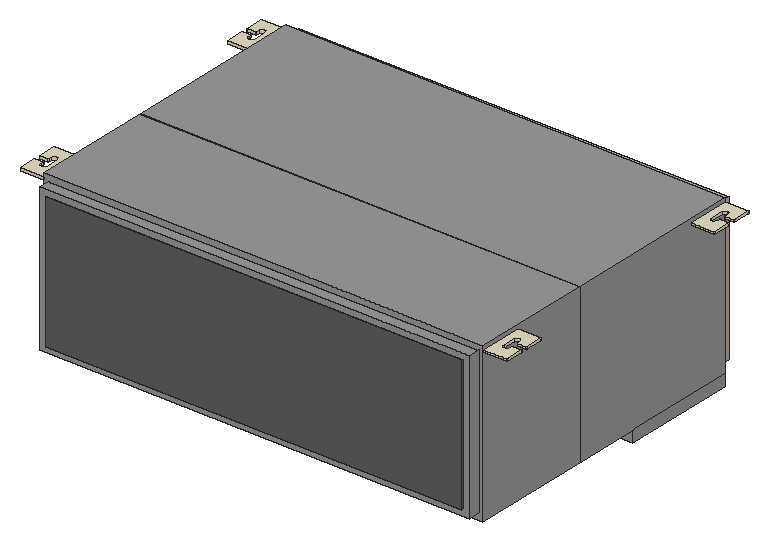
Revit family "TROSTEN FCU-Single Skin", category Mechanical Equipment, Revit 2020
Family settings
  Round Connector Dimension = Use Radius
  Part Type = Normal
  OmniClass Number = 23.75.00.00
  OmniClass Title = Climate Control (HVAC)
  Work Plane-Based = No
  Always vertical = Yes
  Cut with Voids When Loaded = No
  Shared = No
  Room Calculation Point = No
Parameters (values of type "TFC M-075 4D CS A5G")
  Type Comments = "FCU-528"
  Tag Number [instance] = ""
  Tag [instance] = ""
  Radius Supply = 10 mm
  Radius Return = 10 mm
  Radius Drain = 10 mm
  FCU Overall Width = 927 mm
  FCU Overall Height = 358 mm
  FCU Overall Depth = 637 mm
  Supply Mouth Width = FCU Overall Width - 20 mm  # 907 mm
  Supply Mouth Height = FCU Overall Height - 50 mm  # 308 mm
  Supply Mouth Depth = 20 mm
  Return Mouth Width = Supply Mouth Width  # 907 mm
  Return Mouth Height = FCU Overall Height - 50 mm  # 308 mm
  Equipment Tag [instance] = ""
  Default Elevation = 0 mm
Types (3, lengths in mm): name | FCU Overall Width | FCU Overall Height | FCU Overall Depth | Supply Mouth Width | Supply Mouth Height | Return Mouth Width | Return Mouth Height
  TFC M-035 4D CS A5G | 822 | 250 | 577 | 802 | 200 | 802 | 200
  TFC M-045 4D CS A5G | 822 | 250 | 577 | 802 | 200 | 802 | 200
  TFC M-075 4D CS A5G | 927 | 358 | 637 | 907 | 308 | 907 | 308
Reference planes
  plane 1 "Center (Front/Back)": y = 0
  plane 2: z = 0
  plane 3 "Center (Left/Right)": x = 0
  plane 4: x = 463.5
  plane 5: x = -463.5
  plane 6 "1": y = 318.5
  plane 7: y = -318.5
  plane 8: x = -453.5
  plane 9: x = 453.5
  plane 10: z = 358
  plane 11: z = 25
  plane 12 "Centre": z = 191.5
  plane 13: z = 345.5
  plane 14: z = 37.5
  plane 15: y = 341.5
  plane 16: y = -341.5
  plane 17: z = 345.5
  plane 18: z = 37.5
  plane 19: x = -493.5
  plane 20: x = -588.5
  plane 21: x = -453.5
  plane 22: x = 453.5
  plane 23: z = 62.5
  plane 24: y = 225
  plane 25: y = -10.046
  plane 26 "2": y = 276.689
  plane 27 "4": y = 76.689
  plane 28: y = 176.689
  plane 29: y = -64
  plane 30: y = -64
  plane 31: z = 12.217
  plane 32: z = 333
Forms (mm)
  Extrusion 1, solid, material "Aluminum"
    sketch origin (0, 0, 0) x (1, 0, 0) y (0, 1, 0)
      loop
        line (-463.5, -318.5) -> (463.5, -318.5) -> (463.5, -64) -> (-463.5, -64) -> (-463.5, -318.5)
    from 25 to 358
  Extrusion 2, solid, material "Aluminum"
    sketch origin (0, 0, 0) x (1, 0, 0) y (0, 1, 0)
      loop
        line (-463.5, 318.5) -> (-463.5, -64) -> (463.5, -64) -> (463.5, 318.5) -> (-463.5, 318.5)
    from 25 to 358
  Extrusion 3, solid, material "Iron, Cast"
    sketch origin (0, 0, 0) x (1, 0, 0) y (0, 1, 0)
      loop
        line (-463.5, 76.689) -> (463.5, 76.689) -> (463.5, 318.5) -> (-463.5, 318.5) -> (-463.5, 296.741) -> (-663.5, 296.741) -> (-663.5, 42.741) -> (-463.5, 42.741) -> (-463.5, 76.689)
    from 0 to 25
  Extrusion 4, solid, material "Copper, Patina"
    sketch origin (-823.304, 1717.312, -6.029) x (0, -1, 0) y (0, 0, 1)
      loop
        circle (1540.622, 18.246) r 10
    from -134.804 to -159.804
  Extrusion 5, solid, material "Copper, Patina"
    sketch origin (65.549, 111.49, -170.033) x (0, -1, 0) y (0, 0, -1)
      loop
        circle (-85.949, -377.283) r 10
    from -559.049 to -529.049
  Extrusion 6, solid, material "Copper, Patina"
    sketch origin (65.549, 38.615, -16.283) x (0, -1, 0) y (0, 0, -1)
      loop
        circle (-193.074, -106.283) r 10
    from -559.049 to -529.049
  Extrusion 7, solid, material "Aluminum"
    sketch origin (0, 0, 0) x (1, 0, 0) y (0, 1, 0)
      loop
        line (-453.5, -318.5) -> (-453.5, -341.5) -> (453.5, -341.5) -> (453.5, -318.5) -> (-453.5, -318.5)
    from 37.5 to 345.5
  Extrusion 8, solid, material "Metal, Sheet/Flashing"
    sketch origin (0, 0, 0) x (1, 0, 0) y (0, 1, 0)
      loop
        line (453.5, 341.5) -> (-453.5, 341.5) -> (-453.5, 318.5) -> (453.5, 318.5) -> (453.5, 341.5)
    from 37.5 to 345.5
  Extrusion 9, void
    sketch origin (-463.5, -318.5, 0) x (-1, 0, 0) y (0, 0, 1)
      loop
        line (-25.065, 333) -> (-902.065, 333) -> (-902.065, 50) -> (-25.065, 50) -> (-25.065, 333)
    from -23 to -7.348
  Extrusion 10, solid, material "FILTER"
    sketch origin (453.5, -341.5, 0) x (-1, 0, 0) y (0, 0, -1)
      loop
        line (891.935, -333) -> (891.935, -50) -> (14.935, -50) -> (14.935, -333) -> (891.935, -333)
    from 0 to 2.238
  Extrusion 11, solid
    sketch origin (-431.875, -2.317, 392.573) x (0, -1, 0) y (1, 0, 0)
      loop
        line (-230.817, 895.5) -> (-230.817, 944.5)
        arc (-230.817, 944.5) -> (-231.11, 945.207) -> (-231.817, 945.5) r 1
        line (-231.817, 945.5) -> (-268.317, 945.5)
        arc (-268.317, 945.5) -> (-269.024, 945.207) -> (-269.317, 944.5) r 1
        line (-269.317, 944.5) -> (-269.317, 927.5)
        arc (-269.317, 927.5) -> (-269.024, 926.793) -> (-268.317, 926.5) r 1
        line (-268.317, 926.5) -> (-262.317, 926.5)
        arc (-262.317, 926.5) -> (-255.817, 920) -> (-262.317, 913.5) r 6.5
        line (-262.317, 913.5) -> (-289.317, 913.5)
        arc (-289.317, 913.5) -> (-295.817, 920) -> (-289.317, 926.5) r 6.5
        line (-289.317, 926.5) -> (-283.317, 926.5)
        arc (-283.317, 926.5) -> (-282.61, 926.793) -> (-282.317, 927.5) r 1
        line (-282.317, 927.5) -> (-282.317, 944.5)
        arc (-282.317, 944.5) -> (-282.61, 945.207) -> (-283.317, 945.5) r 1
        line (-283.317, 945.5) -> (-319.817, 945.5)
        arc (-319.817, 945.5) -> (-320.524, 945.207) -> (-320.817, 944.5) r 1
        line (-320.817, 944.5) -> (-320.817, 895.5) -> (-230.817, 895.5)
    from -42 to -47.073
  Extrusion 12, solid
    sketch origin (-431.875, -489.317, 493.573) x (0, -1, 0) y (1, 0, 0)
      loop
        line (-170.817, 895.5) -> (-170.817, 944.5)
        arc (-170.817, 944.5) -> (-171.11, 945.207) -> (-171.817, 945.5) r 1
        line (-171.817, 945.5) -> (-208.317, 945.5)
        arc (-208.317, 945.5) -> (-209.024, 945.207) -> (-209.317, 944.5) r 1
        line (-209.317, 944.5) -> (-209.317, 927.5)
        arc (-209.317, 927.5) -> (-209.024, 926.793) -> (-208.317, 926.5) r 1
        line (-208.317, 926.5) -> (-202.317, 926.5)
        arc (-202.317, 926.5) -> (-195.817, 920) -> (-202.317, 913.5) r 6.5
        line (-202.317, 913.5) -> (-229.317, 913.5)
        arc (-229.317, 913.5) -> (-235.817, 920) -> (-229.317, 926.5) r 6.5
        line (-229.317, 926.5) -> (-223.317, 926.5)
        arc (-223.317, 926.5) -> (-222.61, 926.793) -> (-222.317, 927.5) r 1
        line (-222.317, 927.5) -> (-222.317, 944.5)
        arc (-222.317, 944.5) -> (-222.61, 945.207) -> (-223.317, 945.5) r 1
        line (-223.317, 945.5) -> (-259.817, 945.5)
        arc (-259.817, 945.5) -> (-260.524, 945.207) -> (-260.817, 944.5) r 1
        line (-260.817, 944.5) -> (-260.817, 895.5) -> (-170.817, 895.5)
    from -143 to -148.073
  Extrusion 13, solid
    sketch origin (431.875, -2.317, 392.573) x (0, -1, 0) y (1, 0, 0)
      loop
        line (-230.817, -895.5) -> (-320.817, -895.5) -> (-320.817, -944.5)
        arc (-320.817, -944.5) -> (-320.524, -945.207) -> (-319.817, -945.5) r 1
        line (-319.817, -945.5) -> (-283.317, -945.5)
        arc (-283.317, -945.5) -> (-282.61, -945.207) -> (-282.317, -944.5) r 1
        line (-282.317, -944.5) -> (-282.317, -927.5)
        arc (-282.317, -927.5) -> (-282.61, -926.793) -> (-283.317, -926.5) r 1
        line (-283.317, -926.5) -> (-289.317, -926.5)
        arc (-289.317, -926.5) -> (-295.817, -920) -> (-289.317, -913.5) r 6.5
        line (-289.317, -913.5) -> (-262.317, -913.5)
        arc (-262.317, -913.5) -> (-255.817, -920) -> (-262.317, -926.5) r 6.5
        line (-262.317, -926.5) -> (-268.317, -926.5)
        arc (-268.317, -926.5) -> (-269.024, -926.793) -> (-269.317, -927.5) r 1
        line (-269.317, -927.5) -> (-269.317, -944.5)
        arc (-269.317, -944.5) -> (-269.024, -945.207) -> (-268.317, -945.5) r 1
        line (-268.317, -945.5) -> (-231.817, -945.5)
        arc (-231.817, -945.5) -> (-231.11, -945.207) -> (-230.817, -944.5) r 1
        line (-230.817, -944.5) -> (-230.817, -895.5)
    from -42 to -47.073
  Extrusion 14, solid
    sketch origin (431.875, -489.317, 493.573) x (0, -1, 0) y (1, 0, 0)
      loop
        line (-170.817, -895.5) -> (-260.817, -895.5) -> (-260.817, -944.5)
        arc (-260.817, -944.5) -> (-260.524, -945.207) -> (-259.817, -945.5) r 1
        line (-259.817, -945.5) -> (-223.317, -945.5)
        arc (-223.317, -945.5) -> (-222.61, -945.207) -> (-222.317, -944.5) r 1
        line (-222.317, -944.5) -> (-222.317, -927.5)
        arc (-222.317, -927.5) -> (-222.61, -926.793) -> (-223.317, -926.5) r 1
        line (-223.317, -926.5) -> (-229.317, -926.5)
        arc (-229.317, -926.5) -> (-235.817, -920) -> (-229.317, -913.5) r 6.5
        line (-229.317, -913.5) -> (-202.317, -913.5)
        arc (-202.317, -913.5) -> (-195.817, -920) -> (-202.317, -926.5) r 6.5
        line (-202.317, -926.5) -> (-208.317, -926.5)
        arc (-208.317, -926.5) -> (-209.024, -926.793) -> (-209.317, -927.5) r 1
        line (-209.317, -927.5) -> (-209.317, -944.5)
        arc (-209.317, -944.5) -> (-209.024, -945.207) -> (-208.317, -945.5) r 1
        line (-208.317, -945.5) -> (-171.817, -945.5)
        arc (-171.817, -945.5) -> (-171.11, -945.207) -> (-170.817, -944.5) r 1
        line (-170.817, -944.5) -> (-170.817, -895.5)
    from -143.073 to -148.073
Cuts and joins
  Extrusion 9 cuts Extrusion 1
  Extrusion 9 cuts Extrusion 7
Dimensions and locks
  equal spacing: plane 5, plane 3 "Center (Left/Right)", plane 4
  "FCU Overall Width": plane 5 to plane 4
  locked: Extrusion 3 sketch curve to plane 5 at 200
  locked: Extrusion 3 sketch curve to Extrusion 3 sketch curve at 254
  equal spacing: plane 6 "1", plane 1 "Center (Front/Back)", plane 7
  "FCU Overall Depth": plane 6 "1" to plane 7
  equal spacing: plane 8, plane 3 "Center (Left/Right)", plane 9
  "Supply Mouth Width": plane 8 to plane 9
  "FCU Overall Height": plane 10 to level
  locked: Extrusion 3 sketch curve to Extrusion 3 sketch curve at 21.759
  Extrusion 8 sketch curve to plane 6 "1" = 23 mm
  locked: plane 11 to level at 25
  equal spacing: plane 10, plane 12 "Centre", plane 11
  equal spacing: plane 13, plane 12 "Centre", plane 14
  "Supply Mouth Height": plane 14 to plane 13
  plane 15 to plane 6 "1" = 23 mm
  locked: plane 7 to plane 16 at 23
  equal spacing: plane 17, plane 12 "Centre", plane 18
  "Return Mouth Height": plane 18 to plane 17
  locked: plane 19 to plane 5 at 30
  equal spacing: plane 21, plane 3 "Center (Left/Right)", plane 22
  "Return Mouth Width": plane 21 to plane 22
  locked: plane 18 to plane 23 at 25
  locked: plane 20 to plane 5 at 125
  Extrusion 2 to Extrusion 5 = 111.061 mm
  equal spacing: plane 27 "4", plane 28, plane 26 "2"
  plane 29 to plane 7 = 254.5 mm
  plane 30 to plane 7 = 254.5 mm
  level to plane 31 to Extrusion 2 = 12.217 mm, 12.783 mm
  locked: plane 10 to plane 32 at 25
  locked: plane 6 "1" to plane 26 "2" at 41.811
  locked: plane 26 "2" to plane 27 "4" at 200
  Extrusion 1 to Extrusion 8 = 660 mm
  Extrusion 1 to Extrusion 1 = 927 mm
  locked: Extrusion 4 to Extrusion 3 at 25
  Extrusion 11 sketch curve to Extrusion 11 sketch curve to Extrusion 11 sketch curve = 13 mm locked, 19 mm locked
  Extrusion 11 sketch curve to Extrusion 11 sketch curve to Extrusion 11 sketch curve to Extrusion 11 sketch curve to Extrusion 11 sketch curve = 13.5 mm locked, 13 mm locked, 13.5 mm locked, 25 mm locked
  locked: Extrusion 11 to Extrusion 11 at 5.073
  Extrusion 12 sketch curve to Extrusion 12 sketch curve to Extrusion 12 sketch curve = 13 mm locked, 19 mm locked
  Extrusion 12 sketch curve to Extrusion 12 sketch curve to Extrusion 12 sketch curve to Extrusion 12 sketch curve to Extrusion 12 sketch curve = 13.5 mm locked, 13 mm locked, 13.5 mm locked, 25 mm locked
  locked: Extrusion 12 to plane 17 at 5.073
  Extrusion 13 sketch curve to Extrusion 13 sketch curve to Extrusion 13 sketch curve = 19 mm locked, 13 mm locked
  Extrusion 13 sketch curve to Extrusion 13 sketch curve to Extrusion 13 sketch curve to Extrusion 13 sketch curve to Extrusion 13 sketch curve = 13.5 mm locked, 13 mm locked, 13.5 mm locked, 25 mm locked
  locked: Extrusion 13 to Extrusion 13 at 5.073
  Extrusion 14 sketch curve to Extrusion 14 sketch curve to Extrusion 14 sketch curve = 19 mm locked, 13 mm locked
  Extrusion 14 sketch curve to Extrusion 14 sketch curve to Extrusion 14 sketch curve to Extrusion 14 sketch curve to Extrusion 14 sketch curve = 13.5 mm locked, 13 mm locked, 13.5 mm locked, 25 mm locked
  locked: Extrusion 14 to Extrusion 14 at 5
  Extrusion 4 to Extrusion 11 = 1202.125 mm
  plane 4 to Extrusion 11 = 50.125 mm
  Extrusion 13 to Extrusion 2 = 50.125 mm
  "Radius Drain": radius of Extrusion 4 sketch curve
  "Radius Return": radius of Extrusion 5 sketch curve
  "Radius Return": radius of Extrusion 6 sketch curve
  aligned and locked: level to plane 2
  aligned and locked: plane 5 to Extrusion 3 sketch curve  (x2)
  aligned and locked: Extrusion 3 sketch curve to plane 4
  aligned and locked: plane 6 "1" to Extrusion 2 sketch curve
  aligned and locked: Extrusion 1 sketch curve to plane 7
  aligned and locked: Extrusion 1 sketch curve to plane 4
  aligned and locked: plane 5 to Extrusion 1 sketch curve
  aligned and locked: Extrusion 7 sketch curve to plane 7
  aligned and locked: Extrusion 8 sketch curve to plane 6 "1"
  aligned and locked: Extrusion 8 sketch curve to plane 8
  aligned and locked: plane 9 to Extrusion 8 sketch curve
  aligned and locked: plane 16 to Extrusion 7
  aligned and locked: plane 19 to Extrusion 6
  aligned and locked: plane 19 to Extrusion 5
  aligned and locked: Extrusion 6 to plane 5
  aligned and locked: Extrusion 7 to plane 21
  aligned and locked: plane 22 to Extrusion 7
  aligned and locked: plane 15 to Extrusion 8
  aligned and locked: Extrusion 3 sketch curve to plane 27 "4"
  aligned and locked: Extrusion 1 sketch curve to plane 29
  aligned and locked: Extrusion 2 sketch curve to plane 30
  aligned and locked: Extrusion 5 to plane 5
  aligned and locked: plane 31 to Extrusion 4 sketch curve
  aligned and locked: plane 11 to Extrusion 3
  aligned and locked: plane 10 to Extrusion 1
  aligned and locked: Extrusion 3 to Extrusion 1
  aligned and locked: Extrusion 2 to plane 11
  aligned and locked: plane 10 to Extrusion 2
  aligned and locked: plane 14 to Extrusion 8
  aligned and locked: plane 13 to Extrusion 8
  aligned and locked: plane 17 to Extrusion 7
  aligned and locked: plane 18 to Extrusion 7
  aligned and locked: Extrusion 4 to Extrusion 3
  aligned and locked: Extrusion 11 to plane 17
  aligned and locked: Extrusion 12 to plane 7
  aligned and locked: Extrusion 12 to plane 17
  aligned and locked: Extrusion 14 to plane 17
  aligned and locked: Extrusion 13 to plane 17
  aligned and locked: plane 17 to Extrusion 14
Automatic sketch dimensions
  Extrusion 2 sketch curve to plane 5 = 0 mm
  Extrusion 2 sketch curve to plane 4 = 0 mm
  Extrusion 3 sketch curve to plane 6 "1" = 0 mm
  Extrusion 7 sketch curve to plane 8 = 0 mm
  Extrusion 7 sketch curve to plane 9 = 0 mm
  Extrusion 7 sketch curve to plane 16 = 0 mm
  Extrusion 1 to Extrusion 9 sketch curve = 24.935 mm
  Extrusion 1 to Extrusion 9 sketch curve = 25.065 mm
  Extrusion 9 sketch curve to Extrusion 1 = 25 mm  (x2)
  Extrusion 10 sketch curve to Extrusion 7 = 14.935 mm
  Extrusion 7 to Extrusion 10 sketch curve = 15.065 mm
  Extrusion 7 to Extrusion 10 sketch curve = 12.5 mm  (x2)
  Extrusion 11 sketch curve to plane 6 "1" = 0 mm
  Extrusion 11 sketch curve to plane 6 "1" = 1 mm
  plane 26 "2" to Extrusion 11 sketch curve = 10.311 mm
  plane 26 "2" to Extrusion 11 sketch curve = 4.311 mm  (x2)
  Extrusion 11 sketch curve to Extrusion 11 sketch curve = 1 mm  (x4)
  Extrusion 11 sketch curve to plane 4 = 0.125 mm
  Extrusion 11 sketch curve to plane 4 = 18.125 mm
  Extrusion 11 sketch curve to Extrusion 11 sketch curve = 18 mm
  Extrusion 12 sketch curve to plane 7 = 0 mm
  Extrusion 12 sketch curve to Extrusion 12 sketch curve = 1 mm  (x5)
  Extrusion 12 sketch curve to Extrusion 12 sketch curve = 6 mm
  Extrusion 12 sketch curve to Extrusion 12 sketch curve = 30.5 mm
  plane 7 to Extrusion 12 sketch curve = 1 mm
  Extrusion 12 sketch curve to plane 4 = 0.125 mm
  Extrusion 12 sketch curve to plane 4 = 18.125 mm
  Extrusion 12 sketch curve to Extrusion 12 sketch curve = 18 mm
  Extrusion 13 sketch curve to plane 6 "1" = 0 mm
  Extrusion 13 sketch curve to plane 6 "1" = 1 mm
  plane 19 to Extrusion 13 sketch curve = 1.125 mm
  plane 26 "2" to Extrusion 13 sketch curve = 10.311 mm
  plane 26 "2" to Extrusion 13 sketch curve = 4.311 mm  (x2)
  plane 19 to Extrusion 13 sketch curve = 2.125 mm
  Extrusion 13 sketch curve to Extrusion 13 sketch curve = 1 mm  (x3)
  plane 19 to Extrusion 13 sketch curve = 20.125 mm
  plane 5 to Extrusion 13 sketch curve = 0.125 mm
  Extrusion 14 sketch curve to plane 7 = 0 mm
  Extrusion 14 sketch curve to Extrusion 14 sketch curve = 1 mm  (x5)
  plane 19 to Extrusion 14 sketch curve = 1.125 mm
  Extrusion 14 sketch curve to plane 19 = 5.375 mm
  Extrusion 14 sketch curve to Extrusion 14 sketch curve = 30.5 mm
  plane 7 to Extrusion 14 sketch curve = 1 mm
  plane 19 to Extrusion 14 sketch curve = 20.125 mm
  plane 5 to Extrusion 14 sketch curve = 0.125 mm
  Extrusion 4 sketch curve to plane 28 = 0 mm
  plane 28 to Extrusion 5 sketch curve = 20.75 mm
  plane 12 "Centre" to Extrusion 5 sketch curve = 15.75 mm
  plane 24 to Extrusion 6 sketch curve = 6.689 mm
  plane 23 to Extrusion 6 sketch curve = 27.5 mm
Connectors
  piping at (-688.5, 176.689, 12.217), diameter 20, driven by "Radius Drain"
    settings: on Extrusion 4, index 8, connector inside diameter 20 mm, connector length 0 mm, flow factor 0, pipe flow 0.0 L/s, pressure drop 0.0 Pa, fitting loss kfactor 0, connector angle 0.00°, fixture units 0, engagement length 0 mm, angle of deflection 0.00°, flow configuration 0, flow direction 0, fitting loss method 0, system type 16, joint type 0, gender type 0, connector reference index -1, connector utility 0, adjustable connector no, is connector primary yes, connector description ""
  piping at (-493.5, 197.439, 207.25), diameter 20, driven by "Radius Return"
    settings: on Extrusion 5, index 9, connector inside diameter 20 mm, connector length 0 mm, flow factor 0, pipe flow 0.0 L/s, pressure drop 0.0 Pa, fitting loss kfactor 0, connector angle 0.00°, fixture units 0, engagement length 0 mm, angle of deflection 0.00°, flow configuration 0, flow direction 0, fitting loss method 0, system type 8, joint type 0, gender type 0, connector reference index -1, connector utility 0, adjustable connector no, is connector primary no, connector description ""
  piping at (-493.5, 231.689, 90), diameter 20, driven by "Radius Supply"
    settings: on Extrusion 6, index 10, connector inside diameter 20 mm, connector length 0 mm, flow factor 0, pipe flow 0.0 L/s, pressure drop 0.0 Pa, fitting loss kfactor 0, connector angle 0.00°, fixture units 0, engagement length 0 mm, angle of deflection 0.00°, flow configuration 0, flow direction 0, fitting loss method 0, system type 7, joint type 0, gender type 0, connector reference index -1, connector utility 0, adjustable connector no, is connector primary no, connector description ""
  hvac at (0, 341.5, 191.5), driven by "Supply Mouth Height", driven by "Supply Mouth Width"
    settings: on Extrusion 8, index 12, duct flow 0.0 L/s, flow factor 0, pres drop 0.0 Pa, loss coef 0, conn angle 0.00°, conn width 907 mm, conn height 308 mm, conn diameter 609.6 mm, duct sys type 1, conn prof type 1, flow config 1, flow direction 2, loss method 4, conn ref index -1, conn util no, is conn primary yes, conn desc ""
  hvac at (0, -341.5, 191.5), driven by "Return Mouth Height", driven by "Return Mouth Width"
    settings: on Extrusion 7, index 13, duct flow 0.0 L/s, flow factor 0, pres drop 0.0 Pa, loss coef 0, conn angle 0.00°, conn width 907 mm, conn height 308 mm, conn diameter 609.6 mm, duct sys type 2, conn prof type 1, flow config 1, flow direction 1, loss method 4, conn ref index -1, conn util no, is conn primary no, conn desc ""
